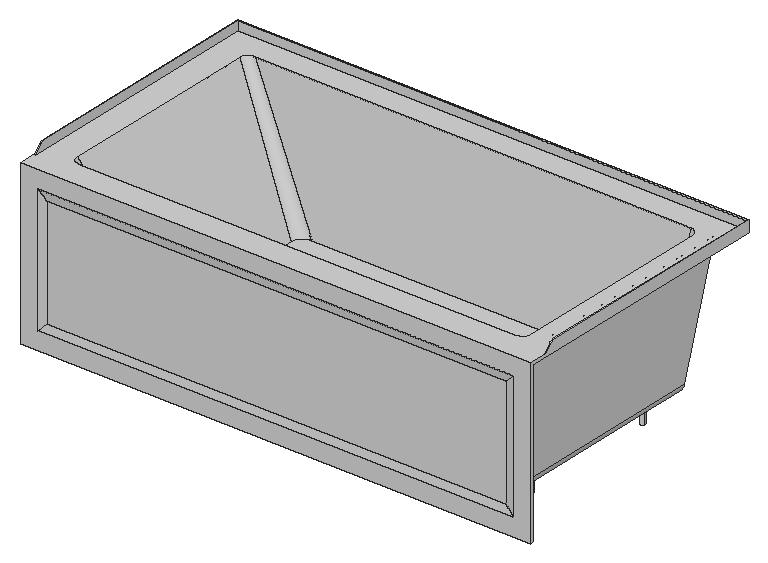
Revit family "Bathtub-Free_Standing-American_Standard-Town_Square_S-2544.X02_Series", category Plumbing Fixtures, Revit 2019
Family settings
  Round Connector Dimension = Use Diameter
  Part Type = Normal
  OmniClass Number = 23.45.05.14.21
  OmniClass Title = Bathtubs
  Work Plane-Based = Yes
  Always vertical = No
  Cut with Voids When Loaded = No
  Shared = Yes
  Room Calculation Point = No
Parameters (values of type "2544.102.020")
  cUPC Compliant = yes
  Width = 60"
  Weight (kg) = "74 Lbs. (34 Kg)-502 Lbs.(228 Kg)"
  Waste Location = if(Left Drain, 10", 50")  # 50"
  Waste Connection Diameter = 2 1/8"
  Waste Connection = yes
  Warranty Information = "Limited Lifetime Warranty"
  WFU = 4
  Vent Connection = no
  URL = "https://www.americanstandard-us.com/"
  Tub Type = "Alcove Rectangular Bath Tub"
  Symbolic Line Constraint = if(Right Drain, 11 1/2", 5 11/16")  # 11 1/2"
  Right Offset = if(Right Drain, 3 5/16", 3 3/8")  # 3 5/16"
  Revised Date = "07/27/2022"
  Product Page URL = "https://www.americanstandard-us.com/Alcove-Bathtubs/Town-Square-S-60-x-32-Inch-Integral-Apron-Bathtub-With-Right-Hand-Outlet/WHITE-2544102020"
  Product Documentation Link = "https://americanstandard.box.com/shared/static/9djbs9ntmhuajlq65ta66kyb1r25yocd.pdf"
  Price = "Prices may vary. Please consult Manufacturer Representative for most up-to-date price list."  # constant formula
  Overflow Void Constraint = if(Right Drain, 3 1/2", 49 1/2")  # 3 1/2"
  Model = "2544.102.020"
  Manufacturer = "American Standard"
  Length = 32"
  Left Offset = if(Left Drain, 3 5/16", 3 3/8")  # 3 3/8"
  Height = 20"
  Description = "Town Square® S 60 x 32-Inch Integral Apron Bathtub With Right-Hand Outlet"
  CSA B45.5-11 / IAPMO Z124 = yes
  Bottom Constraint = if(Right Drain, 8 1/8", 2 5/16")  # 8 1/8"
  Assembly Code = "D2010510"
  Material = "Acrylic-American Standard-020-White"
  Installation Type = "Floor Mounted"
  HWFU = 3
  HW Connection = no
  Finish = Acrylic-American Standard-020-White
  Default Elevation = 0"
  Creation Date = "5/16/2018"
  CWFU = 3
  CW Connection = no
  Left Drain = not(Right Drain)  # no
  Right Drain = yes
  ADA Compliant = yes
Types (5): name | Waste Location | Symbolic Line Constraint | Right Offset | Product Page URL | Product Documentation Link | Overflow Void Constraint | Model | Left Offset | Description | Bottom Constraint | Material | Finish | Left Drain | Right Drain
  (no name) | 50" | 11 1/2" | 3 5/16" | "https://www.americanstandard-us.com/Alcove-Bathtubs/Town-Square-S-60-x-32-Inch-Integral-Apron-Bathtub-With-Right-Hand-Outlet/WHITE-2544102020" | "https://americanstandard.box.com/shared/static/9djbs9ntmhuajlq65ta66kyb1r25yocd.pdf" | 3 1/2" | "2544.102.020" | 3 3/8" | "Town Square® S 60 x 32-Inch Integral Apron Bathtub With Right-Hand Outlet" | 8 1/8" | "Acrylic-American Standard-020-White" | Acrylic-American Standard-020-White | no | yes
  2544.102.020 | 50" | 11 1/2" | 3 5/16" | "https://www.americanstandard-us.com/Alcove-Bathtubs/Town-Square-S-60-x-32-Inch-Integral-Apron-Bathtub-With-Right-Hand-Outlet/WHITE-2544102020" | "https://americanstandard.box.com/shared/static/9djbs9ntmhuajlq65ta66kyb1r25yocd.pdf" | 3 1/2" | "2544.102.020" | 3 3/8" | "Town Square® S 60 x 32-Inch Integral Apron Bathtub With Right-Hand Outlet" | 8 1/8" | "Acrylic-American Standard-020-White" | Acrylic-American Standard-020-White | no | yes
  2544.102.222 | 50" | 11 1/2" | 3 5/16" | "https://www.americanstandard-us.com/Alcove-Bathtubs/Town-Square-S-60-x-32-Inch-Integral-Apron-Bathtub-With-Right-Hand-Outlet/WHITE-2544102020" | "https://americanstandard.box.com/shared/static/9djbs9ntmhuajlq65ta66kyb1r25yocd.pdf" | 3 1/2" | "2544.102.222" | 3 3/8" | "Town Square® S 60 x 32-Inch Integral Apron Bathtub With Right-Hand Outlet" | 8 1/8" | "Acrylic-American Standard-222-Linen" | Acrylic-American Standard-222-Linen | no | yes
  2544.202.020 | 10" | 5 11/16" | 3 3/8" | "https://www.americanstandard-us.com/Alcove-Bathtubs/Town-Square-S-60-x-32-Inch-Integral-Apron-Bathtub-With-Left-Hand-Outlet/WHITE-2544202020" | "https://americanstandard.box.com/shared/static/559a2bpfbf67auackogq1nuz6krq9kgg.pdf" | 49 1/2" | "2544.202.020" | 3 5/16" | "Town Square® S 60 x 32-Inch Integral Apron Bathtub With Left-Hand Outlet" | 2 5/16" | "Acrylic-American Standard-020-White" | Acrylic-American Standard-020-White | yes | no
  2544.202.222 | 10" | 5 11/16" | 3 3/8" | "https://www.americanstandard-us.com/Alcove-Bathtubs/Town-Square-S-60-x-32-Inch-Integral-Apron-Bathtub-With-Right-Hand-Outlet/WHITE-2544102020" | "https://americanstandard.box.com/shared/static/9djbs9ntmhuajlq65ta66kyb1r25yocd.pdf" | 49 1/2" | "2544.202.222" | 3 5/16" | "Town Square® S 60 x 32-Inch Integral Apron Bathtub With Right-Hand Outlet" | 2 5/16" | "Acrylic-American Standard-222-Linen" | Acrylic-American Standard-222-Linen | yes | no
Reference planes (in)
  plane 1 "Center (Front/Back)": y = 0
  plane 2: z = 0
  plane 3 "Center (Left/Right)": x = 0
  plane 4: x = -30
  plane 5: x = 30
  plane 6: y = -16
  plane 7: y = 16
  plane 8: z = 20
  plane 9: y = -12.8125
  plane 10: y = 13
  plane 11: x = -26.625
  plane 12: x = 26.6875
  plane 13: y = 0
  plane 14: x = 20
  plane 15: z = 19
  plane 16: z = 15.1875
  plane 17: z = 18.6875
Forms (in)
  Sweep 1, solid, material "Acrylic-American Standard-020-White" <- "Finish"
    path origin (0, 0, 0) x (1, 0, 0) y (0, 1, 0)
      loop
        line (-30, -16) -> (30, -16) -> (30, 16) -> (-30, 16) -> (-30, -16)
    profile origin (-30, 0, 0) x (-1, 0, 0) y (0, 0, 1)
      loop
        line (0, 0) -> (0, 19) -> (-13, 19) -> (-13, 0) -> (0, 0)
  Blend 2, void
    base sketch origin (0, -0.1875, 0) x (0, 1, 0) y (-1, 0, 0)
      loop
        line (10.9375, -22.9375) -> (10.9375, 17.12355)
        arc (10.9375, 17.12355) -> (10.53435, 18.09685) -> (9.56105, 18.5) r 1.37645
        line (9.56105, 18.5) -> (-9.1875, 18.5)
        arc (-9.1875, 18.5) -> (-10.15977, 18.09727) -> (-10.5625, 17.125) r 1.375
        line (-10.5625, 17.125) -> (-10.5625, -22.9375)
        arc (-10.5625, -22.9375) -> (-10.15977, -23.90977) -> (-9.1875, -24.3125) r 1.375
        line (-9.1875, -24.3125) -> (9.5625, -24.3125)
        arc (9.5625, -24.3125) -> (10.53477, -23.90977) -> (10.9375, -22.9375) r 1.375
    top sketch origin (0, -0.1875, 0) x (0, 1, 0) y (-1, 0, 0)
      loop
        line (13.1875, -25.6875) -> (13.1875, 25.625)
        arc (13.1875, 25.625) -> (12.89461, 26.33211) -> (12.1875, 26.625) r 1
        line (12.1875, 26.625) -> (-11.625, 26.625)
        arc (-11.625, 26.625) -> (-12.33211, 26.33211) -> (-12.625, 25.625) r 1
        line (-12.625, 25.625) -> (-12.625, -25.6875)
        arc (-12.625, -25.6875) -> (-12.33211, -26.39461) -> (-11.625, -26.6875) r 1
        line (-11.625, -26.6875) -> (12.1875, -26.6875)
        arc (12.1875, -26.6875) -> (12.89461, -26.39461) -> (13.1875, -25.6875) r 1
    from 3.612 to 19
  Extrusion 3, solid, material "Acrylic-American Standard-020-White" <- "Finish"
    sketch origin (0, 0, 0) x (1, 0, 0) y (0, 1, 0)
      loop
        line (-17, 3) -> (-17, -3) -> (17, -3) -> (17, 3) -> (-17, 3)
    from 2.0495 to 3.612
  Extrusion 4, void
    sketch origin (0, 0, 0) x (1, 0, 0) y (0, 1, 0)
      loop
        circle (20, 0) r 1.0625
    from 2.0495 to 4.58716
  Blend 5, void
    base sketch origin (30, -16, 19) x (1, 0, 0) y (0, 0, -1)
      loop
        line (-57, 16) -> (-57, 3) -> (-3, 3) -> (-3, 16) -> (-57, 16)
    top sketch origin (30, -16, 19) x (1, 0, 0) y (0, 0, -1)
      loop
        line (-2, 2) -> (-2, 17) -> (-58, 17) -> (-58, 2) -> (-2, 2)
    from 0.17469 to 0
  Extrusion 6, solid, material "Acrylic-American Standard-020-White" <- "Finish"
    sketch origin (0, 0, 0) x (1, 0, 0) y (0, 1, 0)
      loop
        line (-30, 16) -> (-30, -16) -> (-29.875, -16) -> (-29.875, 15.875) -> (29.875, 15.875) -> (29.875, -16) -> (30, -16) -> (30, 16) -> (-30, 16)
    from 19 to 20
  Sweep 7, void
    path origin (-30, -14.875, -0.125) x (1, 0, 0) y (0, 1, 0)
      loop
        line (0, 31) -> (0, -0.75498) -> (60, -0.75498) -> (60, 31) -> (0, 31)
    profile origin (0, 16.125, -0.125) x (0, 1, 0) y (0, 0, 1)
      loop
        line (0, 0) -> (0, 18.8125) -> (-1.83178, 18.8125)
        arc (-1.83178, 18.8125) -> (-2.14853, 18.69937) -> (-2.32195, 18.41118) r 0.5
        arc (-2.32195, 18.41118) -> (-3.56304, 10.80289) -> (-4.2388, 3.12371) r 104.30199
        arc (-4.2388, 3.12371) -> (-4.5486, 2.44966) -> (-5.23751, 2.1745) r 1
        line (-5.23751, 2.1745) -> (-14.25, 2.1745) -> (-14.25, 0) -> (0, 0)
  Extrusion 8, solid, material "Acrylic-American Standard-020-White" <- "Finish", not visible
    sketch origin (-30, -16, 0) x (1, 0, 0) y (0, -1, 0)
      loop
        circle (50, -16) r 0.03125
    from -1.737 to -1.72023
  Extrusion 9, solid, material "Acrylic-American Standard-020-White" <- "Finish"
    sketch origin (0, 0, 0) x (1, 0, 0) y (0, 1, 0)
      loop
        circle (24.00582, 8) r 0.25
      loop
        circle (24.00582, -8.5) r 0.25
      loop
        circle (-24.9375, 8) r 0.25
      loop
        circle (-24.9375, -8.5) r 0.25
    from 0 to 2.0495
  Extrusion 10, void
    sketch origin (0, 0, 0) x (0, 1, 0) y (0, 0, 1)
      loop
        circle (0, 15.1875) r 1
    from 19.5 to 26.5
  Extrusion 11, void
    sketch origin (-30, -16, 19) x (0, -1, 0) y (0, 0, -1)
      loop
        line (-3.57788, -1) -> (0, -1) -> (0, 0) -> (-2.1875, 0) -> (-2.91146, -0.72396)
        arc (-2.91146, -0.72396) -> (-3.21722, -0.92826) -> (-3.57788, -1) r 0.94246
    from 0 to 60
Cuts and joins
  Blend 2, Extrusion 4, Blend 5, Sweep 7, Extrusion 10, Extrusion 11 cuts Sweep 1
  Extrusion 4, Blend 5, Extrusion 10, Extrusion 11 cuts Extrusion 3
  Extrusion 10, Extrusion 11 cuts Extrusion 6
  Extrusion 10, Extrusion 11 cuts Extrusion 9
  joined: Sweep 1, Extrusion 3, Extrusion 6, Extrusion 9
Lines and regions (in)
  Masking region 1
    outline origin (133.02372, -92.99176, 0) x (1, 0, 0) y (0, 1, 0)
      loop
        line (-103.02372, 108.99176) -> (-163.02372, 108.99176) -> (-163.02372, 76.99176) -> (-103.02372, 76.99176) -> (-103.02372, 108.99176)
  symbolic lines, detail levels fine
    curve 1: line (-30, -15.09308, 0) -> (-29.875, -15.09308, 0)
    curve 2: line (-29.875, -15.09308, 0) -> (-29.875, 15.875, 0)
    curve 3: line (-29.875, 15.875, 0) -> (29.875, 15.875, 0)
    curve 4: line (29.875, 15.875, 0) -> (29.875, -15.09308, 0)
    curve 5: line (29.875, -15.09308, 0) -> (30, -15.09308, 0)
    curve 14: line (-18.5, 9.37355, 0) -> (-18.5, -9.375, 0)
    curve 15: arc (-17.12355, 10.75, 0) -> (-18.09685, 10.34685, 0) -> (-18.5, 9.37355, 0) r 1.37645
    curve 16: line (22.9375, 10.75, 0) -> (-17.12355, 10.75, 0)
    curve 17: arc (-18.5, -9.375, 0) -> (-18.09727, -10.34727, 0) -> (-17.125, -10.75, 0) r 1.375
    curve 18: line (-17.125, -10.75, 0) -> (22.9375, -10.75, 0)
    curve 19: arc (22.9375, -10.75, 0) -> (23.90977, -10.34727, 0) -> (24.3125, -9.375, 0) r 1.375
    curve 20: arc (22.9375, 10.75, 0) -> (23.90977, 10.34727, 0) -> (24.3125, 9.375, 0) r 1.375
    curve 21: line (24.3125, 9.375, 0) -> (24.3125, -9.375, 0)
  symbolic lines, detail levels medium+fine
    curve 6: line (25.6875, -12.8125, 0) -> (-25.625, -12.8125, 0)
    curve 7: arc (-25.625, -12.8125, 0) -> (-26.33211, -12.51961, 0) -> (-26.625, -11.8125, 0) r 1
    curve 8: line (-26.625, 12, 0) -> (-26.625, -11.8125, 0)
    curve 9: arc (-26.625, 12, 0) -> (-26.33211, 12.70711, 0) -> (-25.625, 13, 0) r 1
    curve 10: line (25.6875, 13, 0) -> (-25.625, 13, 0)
    curve 11: arc (25.6875, 13, 0) -> (26.39461, 12.70711, 0) -> (26.6875, 12, 0) r 1
    curve 12: line (26.6875, 12, 0) -> (26.6875, -11.8125, 0)
    curve 13: arc (26.6875, -11.8125, 0) -> (26.39461, -12.51961, 0) -> (25.6875, -12.8125, 0) r 1
    curve 22: circle (20, 0, 0) r 1.0625 normal (0, 0, 1)
  symbolic lines, visible <- "Left Drain", detail levels medium+fine
    curve 23: spline (-26.05206, -0.99844, 0) -> (-26.0908, -0.96691, 0) -> (-26.12697, -0.86852, 0) -> (-26.15808, -0.71008, 0) -> (-26.18198, -0.50255, 0) -> (-26.19702, -0.26027, 0) -> (-26.20215, 0, 0) -> (-26.19702, 0.26027, 0) -> (-26.18198, 0.50255, 0) -> (-26.15808, 0.71008, 0) -> (-26.12697, 0.86852, 0) -> (-26.0908, 0.96691, 0) -> (-26.05206, 0.99844, 0)
    curve 24: spline (-26.05206, 0.99844, 0) -> (-26.01332, 0.96691, 0) -> (-25.97715, 0.86852, 0) -> (-25.94604, 0.71008, 0) -> (-25.92214, 0.50255, 0) -> (-25.9071, 0.26027, 0) -> (-25.90197, 0, 0) -> (-25.9071, -0.26027, 0) -> (-25.92214, -0.50255, 0) -> (-25.94604, -0.71008, 0) -> (-25.97715, -0.86852, 0) -> (-26.01332, -0.96691, 0) -> (-26.05206, -0.99844, 0)
  symbolic lines, visible <- "Right Drain", detail levels medium+fine
    curve 25: spline (26.17706, -0.99844, 0) -> (26.2158, -0.96691, 0) -> (26.25197, -0.86852, 0) -> (26.28308, -0.71008, 0) -> (26.30698, -0.50255, 0) -> (26.32202, -0.26027, 0) -> (26.32715, 0, 0) -> (26.32202, 0.26027, 0) -> (26.30698, 0.50255, 0) -> (26.28308, 0.71008, 0) -> (26.25197, 0.86852, 0) -> (26.2158, 0.96691, 0) -> (26.17706, 0.99844, 0)
    curve 26: spline (26.17706, 0.99844, 0) -> (26.13832, 0.96691, 0) -> (26.10215, 0.86852, 0) -> (26.07104, 0.71008, 0) -> (26.04714, 0.50255, 0) -> (26.0321, 0.26027, 0) -> (26.02697, 0, 0) -> (26.0321, -0.26027, 0) -> (26.04714, -0.50255, 0) -> (26.07104, -0.71008, 0) -> (26.10215, -0.86852, 0) -> (26.13832, -0.96691, 0) -> (26.17706, -0.99844, 0)
Dimensions and locks (in)
  plane 6 to plane 1 "Center (Front/Back)" to plane 7 = 16", 16"
  equal spacing: plane 4, plane 3 "Center (Left/Right)", plane 5
  "Length": plane 6 to plane 7
  plane 8 to level = 20"
  "Waste Location": plane 4 to plane 14
  locked: cut or joined group 1 (Sweep 1, Blend 2, Extrusion 3, Extrusion 4, Blend 5, Extrusion 6, Sweep 7, Extrusion 9, Extrusion 10, Extrusion 11) to level at 19
  "Left Offset": plane 4 to plane 11
  "Right Offset": plane 12 to plane 5
  locked: plane 6 to plane 9 at 3.1875
  locked: plane 10 to plane 7 at 3
  locked: plane 8 to plane 15 at 1
  locked: plane 17 to level at 18.6875
  locked: plane 17 to plane 16 at 3.5
  "Width": plane 4 to plane 5
  Blend 2 sketch curve to Blend 2 sketch curve to Blend 2 sketch curve to Blend 2 sketch curve = 1.37645" locked, 40.06105" locked, 1 3/8" locked
  "Bottom Constraint": plane 11 to Blend 2 sketch curve
  locked: curve 14 to curve 21 at 42.8125
  "Symbolic Line Constraint": plane 4 to curve 14
  locked: Extrusion 10 to Extrusion 10 at 7
  "Overflow Void Constraint": plane 5 to Extrusion 10
  "Waste Connection Diameter": diameter of Extrusion 4 sketch curve
  aligned and locked: plane 4 to Sweep 1 sketch curve
  aligned and locked: Sweep 1 sketch curve to plane 6
  aligned and locked: Sweep 1 sketch curve to plane 5
  aligned and locked: cut or joined group 1 to Extrusion 3 sketch curve
  aligned and locked: Extrusion 3 sketch curve to cut or joined group 1
  aligned and locked: Extrusion 3 to cut or joined group 1  (x2)
  aligned and locked: plane 14 to Extrusion 4 sketch curve
  aligned and locked: plane 1 "Center (Front/Back)" to Extrusion 4 sketch curve
  aligned and locked: Sweep 1 to Blend 5
  aligned and locked: Extrusion 6 sketch curve to cut or joined group 1  (x2)
  aligned and locked: Extrusion 6 sketch curve to plane 5
  aligned and locked: Extrusion 6 to cut or joined group 1
  aligned and locked: plane 8 to Extrusion 6
  aligned and locked: plane 1 "Center (Front/Back)" to Extrusion 8 sketch curve
  aligned and locked: plane 14 to Extrusion 8 sketch curve
  aligned and locked: cut or joined group 1 to Extrusion 9
  aligned and locked: Extrusion 9 to level
  aligned and locked: plane 9 to Blend 2 sketch curve
  aligned and locked: Blend 2 sketch curve to plane 10
  aligned and locked: Blend 2 sketch curve to plane 11
  aligned and locked: plane 12 to Blend 2 sketch curve
  aligned and locked: curve 16 to cut or joined group 1
  aligned and locked: cut or joined group 1 to curve 18
  aligned and locked: plane 14 to curve 22
  aligned and locked: Sweep 1 to Extrusion 11
Automatic sketch dimensions
  curve 1 to plane 4 = 0"
  curve 9 to plane 11 = 0"
  plane 1 "Center (Front/Back)" to curve 23 = 0"
  plane 1 "Center (Front/Back)" to curve 24 = 0"
  plane 9 to curve 7 = 0"
  plane 10 to curve 9 = 0"
  plane 1 "Center (Front/Back)" to curve 26 = 0"
  plane 1 "Center (Front/Back)" to curve 25 = 0"
  curve 11 to plane 12 = 0"
  curve 5 to plane 5 = 0"
  plane 1 "Center (Front/Back)" to curve 22 = 0"
  plane 4 to curve 2 = 1/8"
  curve 7 to plane 9 = 1"
  plane 11 to curve 10 = 1"
  curve 14 to curve 17 = 1 3/8"
  curve 14 to curve 16 = 1.37645"
  curve 16 to curve 20 = 1 3/8"
  curve 19 to curve 19 = 1 3/8"
  curve 13 to plane 9 = 1"
  curve 11 to curve 11 = 1"
  curve 4 to curve 5 = 1/8"
  curve 4 to plane 6 = 0.90692"
  curve 2 to plane 6 = 0.90692"
  curve 18 to plane 9 = 2 1/16"
  curve 14 to curve 9 = 2.62645"
  plane 7 to curve 2 = 1/8"
  plane 11 to curve 23 = 0.57124"
  curve 23 to curve 23 = 0.0017"
  curve 23 to curve 24 = 0.0034"
  curve 26 to plane 12 = 0.51214"
  curve 26 to plane 12 = 0.51044"
  curve 26 to curve 25 = 0.0034"
  plane 1 "Center (Front/Back)" to curve 25 = 0.99851"
  plane 1 "Center (Front/Back)" to curve 23 = 0.99851"
  curve 25 to curve 25 = 0.00007"
  curve 23 to curve 24 = 0.00007"  (x2)
  curve 26 to curve 26 = 0.00007"
  plane 7 to Sweep 1 sketch curve = 0"
  Sweep 1 sketch curve to level = 0"
  Sweep 1 sketch curve to profile plane = 0"
  profile plane to Sweep 1 sketch curve = 13"
  Sweep 1 sketch curve to Sweep 1 sketch curve = 19"
  Blend 2 sketch curve to plane 9 = 2 1/16"
  Blend 2 sketch curve to Blend 2 sketch curve = 1 3/8"  (x2)
  plane 10 to Blend 2 sketch curve = 3.62645"
  Blend 2 sketch curve to plane 9 = 1"
  Blend 2 sketch curve to Blend 2 sketch curve = 1"
  plane 10 to Blend 2 sketch curve = 1"  (x2)
  plane 1 "Center (Front/Back)" to Extrusion 3 sketch curve = 3"
  Extrusion 3 sketch curve to plane 1 "Center (Front/Back)" = 3"
  Sweep 1 to Blend 5 sketch curve = 3"  (x3)
  Blend 5 sketch curve to Sweep 1 = 3"
  Sweep 1 to Blend 5 sketch curve = 2"  (x3)
  Blend 5 sketch curve to Sweep 1 = 2"
  plane 6 to Extrusion 6 sketch curve = 0"  (x2)
  plane 4 to Extrusion 6 sketch curve = 1/8"
  Extrusion 6 sketch curve to plane 5 = 1/8"
  plane 7 to Extrusion 6 sketch curve = 1/8"
  Sweep 7 sketch curve to plane 4 = 0"
  Sweep 7 sketch curve to plane 5 = 0"
  Sweep 7 sketch curve to plane 6 = 0.37002"
  Sweep 7 sketch curve to plane 7 = 1/8"
  Sweep 7 sketch curve to profile plane = 0"  (x2)
  profile plane to Sweep 7 sketch curve = 1.83178"
  profile plane to Sweep 7 sketch curve = 3.1745"
  profile plane to Sweep 7 sketch curve = 5.23751"
  Sweep 7 sketch curve to Sweep 7 sketch curve = 9.01249"
  Sweep 7 sketch curve to profile plane = 2.17364"
  Sweep 7 sketch curve to profile plane = 99.92857"
  profile plane to Sweep 7 sketch curve = 2.1745"
  Sweep 7 sketch curve to Sweep 7 sketch curve = 15.18879"
  Sweep 7 sketch curve to Sweep 7 sketch curve = 1/2"
  Sweep 7 sketch curve to Sweep 7 sketch curve = 0"
  Masking region 1 sketch curve to plane 4 = 0"
  Masking region 1 sketch curve to plane 5 = 0"
  plane 6 to Masking region 1 sketch curve = 0"
  plane 7 to Masking region 1 sketch curve = 0"
  plane 11 to Extrusion 9 sketch curve = 1 11/16"  (x2)
  plane 14 to Extrusion 9 sketch curve = 4.00582"  (x2)
  Extrusion 9 sketch curve to plane 9 = 4 5/16"  (x2)
  plane 10 to Extrusion 9 sketch curve = 5"  (x2)
  Extrusion 10 sketch curve to plane 1 "Center (Front/Back)" = 0"
  Extrusion 10 sketch curve to plane 16 = 0"
  Extrusion 11 sketch curve to Sweep 1 = 28.42212"
  Extrusion 11 sketch curve to Sweep 1 = 0"  (x2)
  Sweep 1 to Extrusion 11 sketch curve = 0.05754"
  Sweep 1 to Extrusion 11 sketch curve = 0.72396"
  Extrusion 11 sketch curve to Extrusion 11 sketch curve = 2.91146"
  Extrusion 11 sketch curve to Extrusion 11 sketch curve = 0.72396"
  Sweep 1 to Extrusion 11 sketch curve = 1"
  Extrusion 11 sketch curve to Extrusion 11 sketch curve = 0"
  radius of curve 22 = 1 1/16"
  radius of Extrusion 8 sketch curve = 1/32"
  radius of Extrusion 9 sketch curve = 1/4"  (x4)
  radius of Extrusion 10 sketch curve = 1"
Connectors (in)
  piping at (20, 0, 2.0495), diameter 2.125, driven by "Waste Connection Diameter", driven by "WFU"
    settings: on Extrusion 4, index 1, connector inside diameter 24", connector length 0", flow factor 0, pipe flow 0 GPM, pressure drop 0.00 psi, fitting loss kfactor 0, connector angle 0.00°, fixture units 4, engagement length 0", angle of deflection 0.00°, flow configuration 3, flow direction 2, fitting loss method 0, system type 16, joint type 0, gender type 0, connector reference index -1, connector utility 0, adjustable connector no, is connector primary yes, connector description "2 1/8\" Waste Outlet Connection"
